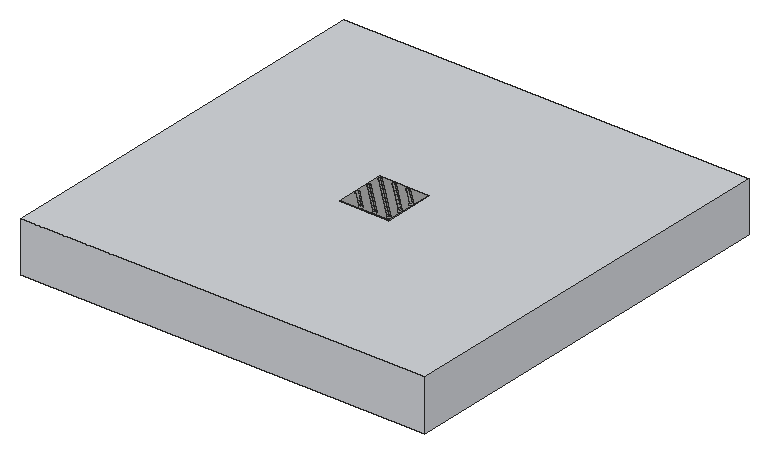
Revit family "Тактильная полиуретановая плитка диагональ(приклеивание)", category Оборудование, Revit 2017
Family settings
  Основа = Грань
  Размер круглого соединителя = Использовать диаметр
  Тип детали = Нормальный
  При загрузке вырезать с полостями = Да
  Общий = Да
  Точка расчета площади = Нет
Parameters (values of type "Тактильная плитка полиуретан дагональ_Желтая")
  Стоимость = 175
  Применение = "Улица/Помещение"
  Default Elevation = 0 mm
  Описание = "Тактильная Полиуретановая (ПУ) плитка предназначена для обеспечения информирования при движении людей с ограничениями зрения. Диагональные рифы. Данная модель желтой тактильной ПУ плитки с диагональными рифами используется для указания смены движения незрячего человека.  Тактильная ПУ плитка монтируется к любой поверхности при помощи клея."
  Изготовитель = "ТИФЛОЦЕНТР «ВЕРТИКАЛЬ»"
  URL = "http://tiflocentre.ru/magazin/view_product.php?cat=1&podcat=2&id=201"
  ADSK_Тип рифов = "Рельефные полосы"
  ADSK_Размер_Ширина = 300 mm
  ADSK_Размер_Толщина = 2 mm
  ADSK_Размер_Длина = 300 mm
  ADSK_Размер_Габариты = "300Х300"
  ADSK_Размер_Высота рифа = 5 mm
  ADSK_Наименование = "Тактильная плитка полиуретан диагональные полосы (приклеивание)"
  ADSK_Материал плитки = Вертикаль_Полиуретан_Желтый
  ADSK_Материал наименование = "Полиуретан, цвет желтый"
  ADSK_Код изделия = "10131-ZH"
Types (3, lengths in mm): name | Описание | URL | ADSK_Материал плитки | ADSK_Материал наименование | ADSK_Код изделия
  (no name) | "Тактильная Полиуретановая (ПУ) плитка предназначена для обеспечения информирования при движении людей с ограничениями зрения. Диагональные рифы. Данная модель желтой тактильной ПУ плитки с диагональными рифами используется для указания смены движения незрячего человека.  Тактильная ПУ плитка монтируется к любой поверхности при помощи клея." | "http://tiflocentre.ru/magazin/view_product.php?cat=1&podcat=2&id=201" | Вертикаль_Полиуретан_Желтый | "Полиуретан, цвет желтый" | "10131-ZH"
  Тактильная плитка полиуретан дагональ_Желтая | "Тактильная Полиуретановая (ПУ) плитка предназначена для обеспечения информирования при движении людей с ограничениями зрения. Диагональные рифы. Данная модель желтой тактильной ПУ плитки с диагональными рифами используется для указания смены движения незрячего человека.  Тактильная ПУ плитка монтируется к любой поверхности при помощи клея." | "http://tiflocentre.ru/magazin/view_product.php?cat=1&podcat=2&id=201" | Вертикаль_Полиуретан_Желтый | "Полиуретан, цвет желтый" | "10131-ZH"
  Тактильная плитка полиуретановая_Черная | "Тактильная ПВХ плитка создана для обеспечения информирования при движении маломобильных групп населения. Применяется для размещения на пути следования внутри общественных объектов для адаптаци людей с ограничениями зрения. ПВХ плитка обладает отличным качеством и имеет черный цвет, контрастный к светлой поверхности. Тактильная ПВХ плитка от Тифлоцентра \"Вертикаль\" протестирована незрячими специалистами и рекомендована к применению ВОС, гос. программой \"Доступная среда\", выполнена плитка по (ГОСТ Р 56305-2014)." | "http://tiflocentre.ru/magazin/view_product.php?id=196" | Вертикаль_Полиуретан_Черный | "Полиуретан, цвет черный" | "10128-CH"
Reference planes
  plane 1 "По центру (Вперед/Назад)": y = 0
  plane 2: z = 0
  plane 3 "По центру (Влево/Вправо)": x = 0
  plane 4: x = -150
  plane 5: x = 150
  plane 6: y = -150
  plane 7: y = 150
  plane 8: z = 2
Forms (mm)
  Extrusion 1, solid
    sketch origin (0, 0, 0) x (1, 0, 0) y (0, 1, 0)
      loop
        line (-1219.2, 1219.2) -> (-1219.2, -1219.2) -> (1219.2, -1219.2) -> (1219.2, 1219.2) -> (-1219.2, 1219.2)
    from 0 to -304.8
  Extrusion 2, solid, material "Вертикаль_Полиуретан_Желтый" <- "ADSK_Материал плитки"
    sketch origin (0, 0, 0) x (1, 0, 0) y (0, 1, 0)
      loop
        line (-150, 150) -> (-150, -150) -> (150, -150) -> (150, 150) -> (-150, 150)
    from 0 to 2
Dimensions and locks
  equal spacing: plane 7, plane 1 "По центру (Вперед/Назад)", plane 6
  equal spacing: plane 4, plane 3 "По центру (Влево/Вправо)", plane 5
  "ADSK_Размер_Ширина": plane 4 to plane 5
  "ADSK_Размер_Длина": plane 7 to plane 6
  "ADSK_Размер_Толщина": plane 8 to level
  plane 8 to level = 2 mm
  aligned and locked: plane 2 to Extrusion 1
  aligned and locked: level to Extrusion 1
  aligned and locked: plane 4 to Extrusion 2 sketch curve
  aligned and locked: Extrusion 2 sketch curve to plane 7
  aligned and locked: Extrusion 2 sketch curve to plane 5
  aligned and locked: plane 6 to Extrusion 2 sketch curve
  aligned and locked: Extrusion 2 to level
  aligned and locked: Extrusion 2 to Extrusion 1
  aligned and locked: plane 8 to Extrusion 2
Automatic sketch dimensions
  Extrusion 1 sketch curve to Extrusion 1 sketch curve = 2438.4 mm  (x2)
Nested families
  nested 1: "Риф_полоса" at (137.929, -137.929, 2) x (-0.7071, 0.7071, 0) z (0, 0, 1), Материал <- "ADSK_Материал плитки", built-in parameter 1001364 <- "ADSK_Размер_Толщина", type "Риф_полоса"
    with Ширина 20 mm, Материал Вертикаль_Полиуретан_Желтый, Длина 390.122 mm, Высота 5 mm, r1 10 mm
  nested 2: "Риф_полоса" at (142.071, -57.218, 2) x (-0.7071, 0.7071, 0) z (0, 0, 1), Материал <- "ADSK_Материал плитки", built-in parameter 1001364 <- "ADSK_Размер_Толщина", type "Риф_полоса"
    with Ширина 20 mm, Материал Вертикаль_Полиуретан_Желтый, Длина 280 mm, Высота 5 mm, r1 10 mm
  nested 3: "Риф_полоса" at (142.063, 27.643, 2) x (-0.7071, 0.7071, 0) z (0, 0, 1), Материал <- "ADSK_Материал плитки", built-in parameter 1001364 <- "ADSK_Размер_Толщина", type "Риф_полоса"
    with Ширина 20 mm, Материал Вертикаль_Полиуретан_Желтый, Длина 162 mm, Высота 5 mm, r1 10 mm
  nested 4: "Риф_полоса" at (57.218, -142.071, 2) x (-0.7071, 0.7071, 0) z (0, 0, 1), Материал <- "ADSK_Материал плитки", built-in parameter 1001364 <- "ADSK_Размер_Толщина", type "Риф_полоса"
    with Ширина 20 mm, Материал Вертикаль_Полиуретан_Желтый, Длина 280 mm, Высота 5 mm, r1 10 mm
  nested 5: "Риф_полоса" at (-27.643, -142.063, 2) x (-0.7071, 0.7071, 0) z (0, 0, 1), Материал <- "ADSK_Материал плитки", built-in parameter 1001364 <- "ADSK_Размер_Толщина", type "Риф_полоса"
    with Ширина 20 mm, Материал Вертикаль_Полиуретан_Желтый, Длина 162 mm, Высота 5 mm, r1 10 mm
Definition of nested family "Риф_полоса"
  Parameters (values of type "Риф_полоса")
    Ширина [instance] = 20 mm
    Материал [instance] = none
    Длина [instance] = 1082.7 mm
    Высота [instance] = 5 mm
    Вершина = 4 mm
    r1 [instance] = Ширина / 2  # 10 mm
  Reference planes
    plane 1 "По центру (Вперед/Назад)": y = 0
    plane 2: z = 0
    plane 3 "По центру (Влево/Вправо)": x = 0
    plane 4: x = 1082.7
    plane 5: y = 10
    plane 6: y = -10
    plane 7: x = 10
    plane 8: x = 1072.7
    plane 9: z = 5
  Forms (mm)
    Blend 1, solid, material <- "Материал"
      base sketch origin (0, 0, 0) x (1, 0, 0) y (0, 1, 0)
        loop
          line (10, -10) -> (1072.7, -10)
          arc (1072.7, -10) -> (1082.7, 0) -> (1072.7, 10) r 10
          line (1072.7, 10) -> (10, 10)
          arc (10, 10) -> (0, 0) -> (10, -10) r 10
      top sketch origin (0, 0, 0) x (1, 0, 0) y (0, 1, 0)
        loop
          line (1072.7, 6) -> (10, 6)
          arc (10, 6) -> (4, 0) -> (10, -6) r 6
          line (10, -6) -> (1072.7, -6)
          arc (1072.7, -6) -> (1078.7, 0) -> (1072.7, 6) r 6
      from 0 to 5
  Dimensions and locks
    "Длина": plane 3 "По центру (Влево/Вправо)" to plane 4
    equal spacing: plane 5, plane 1 "По центру (Вперед/Назад)", plane 6
    "Ширина": plane 5 to plane 6
    "r1": plane 3 "По центру (Влево/Вправо)" to plane 7
    "r1": plane 8 to plane 4
    "Вершина": plane 5 to Blend 1 sketch curve
    "Вершина": Blend 1 sketch curve to plane 6
    "Высота": level to plane 9
    aligned and locked: level to plane 2
    aligned and locked: Blend 1 sketch curve to plane 6
    aligned and locked: Blend 1 sketch curve to plane 5
    aligned and locked: plane 8 to Blend 1 sketch curve  (x2)
    aligned and locked: plane 7 to Blend 1 sketch curve  (x2)
    aligned and locked: Blend 1 to plane 9
